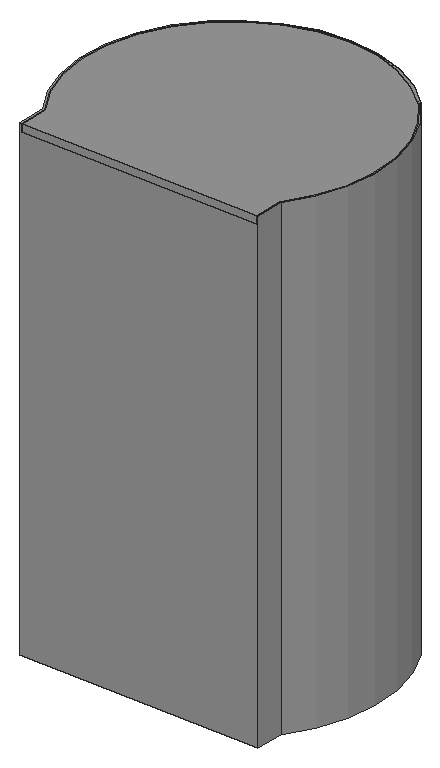
Revit family "3000 Björk Handdryer", category Furniture Systems, host Wall, Revit 2018
Family settings
  Host = Wall
  Round Connector Dimension = Use Diameter
  Part Type = Normal
  Always vertical = Yes
  Cut with Voids When Loaded = No
  Shared = No
  Room Calculation Point = No
Parameters (values of type "OSLO")
  URL = "http://www.dandryer.com/en-gb/products/-handdryers/3000-bjork-hand-dryer--white"
  Type Image = <None>
  Surface Top = OSLO
  Surface Front = WHITE
  Model = "Björk-3000"
  Manufacturer = "Dan Dryer"
  Description = "Touch-free hand dryer"
  Cost = 0
Types (6, lengths in mm): name | URL | Surface Top
  BIRK | "http://www.dandryer.dk/da-dk/produkter/produktserie-%E2%80%93-bjork/3000-bjork-haandtoerrer--hvid" | BIRK
  GEO WHITE | "http://www.dandryer.dk/da-dk/produkter/produktserie-%E2%80%93-bjork/3000-bjork-haandtoerrer--hvid" | GEO WHITE
  GRIGIO LONDRA | "http://www.dandryer.dk/da-dk/produkter/produktserie-%E2%80%93-bjork/3000-bjork-haandtoerrer--hvid" | GRIGIO LONDRA
  NEGRO INGO | "http://www.dandryer.dk/da-dk/produkter/produktserie-%E2%80%93-bjork/3000-bjork-haandtoerrer--hvid" | NEGRO INGO
  OSLO | "http://www.dandryer.com/en-gb/products/-handdryers/3000-bjork-hand-dryer--white" | OSLO
  BIANCO MALE | "http://www.dandryer.dk/da-dk/produkter/produktserie-%E2%80%93-bjork/3000-bjork-haandtoerrer--hvid" | BIANCO MALE
Reference planes
  plane 1 "Wall": y = 0
  plane 2 "Center (Left/Right)": x = 125
  plane 3 "Back": y = 75
Forms (mm)
  Extrusion 1, solid, material "WHITE", not visible
    sketch origin (0, 0, 0) x (1, 0, 0) y (0, 1, 0)
      loop
        arc (42.212, 95.366) -> (42.426, 94.946) -> (42.5, 94.481) r 1.5
        line (42.5, 94.481) -> (42.5, 75.3) -> (43.7, 75.3) -> (43.7, 94.481)
        arc (43.7, 94.481) -> (43.567, 95.318) -> (43.181, 96.073) r 2.7
        arc (43.181, 96.073) -> (125, 257.1) -> (206.819, 96.073) r 101.3
        arc (206.819, 96.073) -> (206.433, 95.318) -> (206.3, 94.481) r 2.7
        line (206.3, 94.481) -> (206.3, 75.3) -> (207.5, 75.3) -> (207.5, 94.481)
        arc (207.5, 94.481) -> (207.574, 94.946) -> (207.788, 95.366) r 1.5
        arc (207.788, 95.366) -> (125, 258.3) -> (42.212, 95.366) r 102.5
    from 900 to 1230
  Extrusion 2, void, not visible
    sketch origin (207.5, 94.481, 0) x (0, 1, 0) y (0, 0, -1)
      loop
        line (-19.181, -1225) -> (-19.181, -1230) -> (6.154, -1230)
        arc (6.154, -1230) -> (3.068, -1228.36) -> (2.105, -1225) r 4.47
        line (2.105, -1225) -> (-19.181, -1225)
    from -10.952 to 170.161
  Extrusion 3, void, not visible
    sketch origin (207.5, 94.481, 2130) x (0, 1, 0) y (0, 0, -1)
      loop
        line (-19.181, 1225) -> (2.105, 1225)
        arc (2.105, 1225) -> (3.068, 1228.36) -> (6.154, 1230) r 4.47
        line (6.154, 1230) -> (-19.181, 1230) -> (-19.181, 1225)
    from -6 to 179.451
  Extrusion 4, solid, not visible
    sketch origin (207.5, 75.3, 907) x (0, 1, 0) y (-1, 0, 0)
      loop
        line (0, 163.8) -> (0, 1.2) -> (19.181, 1.2)
        arc (19.181, 1.2) -> (20.018, 1.067) -> (20.773, 0.681) r 2.7
        arc (20.773, 0.681) -> (181.8, 82.5) -> (20.773, 164.319) r 101.3
        arc (20.773, 164.319) -> (20.018, 163.933) -> (19.181, 163.8) r 2.7
        line (19.181, 163.8) -> (0, 163.8)
    from 0 to -2
  Extrusion 5, void, not visible
    sketch origin (206.3, 75.3, 0) x (-1, 0, 0) y (0, 0, 1)
      loop
        arc (83.312, 976) -> (81.303, 978.014) -> (79.288, 976) r 2.012
        line (79.288, 976) -> (79.285, 930)
        arc (79.285, 930) -> (81.297, 927.986) -> (83.312, 930) r 2.012
        line (83.312, 930) -> (83.312, 976)
    from 174.915 to 189.234
  Extrusion 6, solid, not visible
    sketch origin (206.3, 75.3, 0) x (1, 0, 0) y (0, 0, 1)
      loop
        line (-83.312, 975.984) -> (-83.312, 930)
        arc (-83.312, 930) -> (-81.291, 928.118) -> (-79.287, 930.016) r 2.015
        line (-79.287, 930.016) -> (-79.288, 976)
        arc (-79.288, 976) -> (-81.309, 977.882) -> (-83.312, 975.984) r 2.015
    from -182.98 to -174.915
  Extrusion 7, solid, material "Mat Sort", not visible
    sketch origin (0, 0, 0) x (1, 0, 0) y (0, 1, 0)
      loop
        arc (42.212, 95.366) -> (42.426, 94.946) -> (42.5, 94.481) r 1.5
        line (42.5, 94.481) -> (42.5, 75.3) -> (43.7, 75.3) -> (43.7, 94.481)
        arc (43.7, 94.481) -> (43.567, 95.318) -> (43.181, 96.073) r 2.7
        arc (43.181, 96.073) -> (125, 257.1) -> (206.819, 96.073) r 101.3
        arc (206.819, 96.073) -> (206.433, 95.318) -> (206.3, 94.481) r 2.7
        line (206.3, 94.481) -> (206.3, 75.3) -> (207.5, 75.3) -> (207.5, 94.481)
        arc (207.5, 94.481) -> (207.574, 94.946) -> (207.788, 95.366) r 1.5
        arc (207.788, 95.366) -> (125, 258.3) -> (42.212, 95.366) r 102.5
    from 900 to 1230
Text (mm)
  text "Placement Side" at (-1848.837, 1116.779, 0), in view "Ref. Level"
  text "Placement side" at (0, 1409.804, 2854.306), in view "Left"
  text "Placement side" at (0, 499.811, 2980.732), in view "Right"
Dimensions and locks
  locked: plane 3 "Back" to host wall
  aligned and locked: plane 1 "Wall" to host wall
  aligned and locked: plane 3 "Back" to nested 1  (x2)
Nested families
  nested 1: "Master Handdryer" at (125, 75, 1100), type "Master Handdryer"
Definition of nested family "Master Handdryer"
  Parameters (values of type "Master Handdryer")
    Surface Top = none
    Surface Front = none
  Reference planes
    plane 1 "Center (Front/Back)": y = 0
    plane 2: z = 0
    plane 3 "Center (Left/Right)": x = 0
  Forms (mm)
    Extrusion 1, solid, material <- "Surface Front"
      sketch origin (0, 0, 0) x (1, 0, 0) y (0, 1, 0)
        loop
          arc (82.5, 19.672) -> (0, 183) -> (-82.5, 19.672) r 102.5
          line (-82.5, 19.672) -> (-82.5, 0) -> (82.5, 0) -> (82.5, 19.672)
      from 0 to 330
    Extrusion 2, solid, material <- "Surface Top"
      sketch origin (0, 0, 330) x (1, 0, 0) y (0, 1, 0)
        loop
          arc (81.3, 20.068) -> (0, 181.8) -> (-81.3, 20.068) r 101.3
          line (-81.3, 20.068) -> (-81.3, 0) -> (81.3, 0) -> (81.3, 20.068)
      from 0 to -5
    Extrusion 3, void
      sketch origin (0, 0, 0) x (1, 0, 0) y (0, 1, 0)
        loop
          line (-81.3, 0) -> (81.3, 0) -> (81.3, 20.068)
          arc (81.3, 20.068) -> (0, 181.8) -> (-81.3, 20.068) r 101.3
          line (-81.3, 20.068) -> (-81.3, 0)
      from 325 to 330
  Cuts and joins
    Extrusion 3 cuts Extrusion 1
  Dimensions and locks
    aligned and locked: level to plane 2
